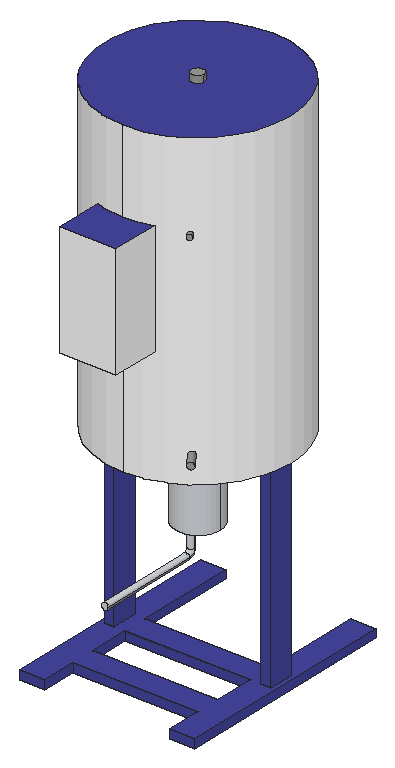
Revit family "REVIT-IS(D) 10-40 Prefix", category Mechanical Equipment, Revit 2017
Family settings
  Round Connector Dimension = Use Radius
  Part Type = Normal
  Work Plane-Based = No
  Always vertical = Yes
  Cut with Voids When Loaded = No
  Shared = No
  Room Calculation Point = No
Parameters (values of type "10 L 5A-IS")
  Weight = 610.00 lbf
  Unit Radius = 15"
  Unit Height = 83"
  URL = "www.pvi.com"
  U Tube Radius = 3 5/8"
  U Tube Length = 13 5/8"
  Steam Radius Inlet = 1"
  Steam Pressure = 15.00 psi
  Steam Outlet Radius = Condensate Outlet NPT / 2  # 3/4"
  Steam Outlet Connection Offset Y = 1 5/16"
  Steam Outlet Extension = U Tube Length + 1/2"  # 14 1/8"
  Condensate Outlet NPT = 1 1/2"
  Steam Inlet Radius = Steam Inlet NPT / 2  # 1/2"
  Steam Inlet Offset 2 = no
  Steam Inlet Offset X = 5 7/8"
  Steam Inlet NPT = 1"
  Steam Flow lb/hr = "390"
  Skid Runner Height = 1 3/8"
  Skid Height = 33 3/8"
  Steam Inlet Connection Offset Y = 1 5/16"
  Steam Inlet Length X = 17 51/256"
  Steam Inlet Length Y = 4 1/8"
  Relief Valve NPT = 3/4"
  Relief Valve Location = Unit Height - 13 11/16"  # 69 5/16"
  Relief Radius = Relief Valve NPT / 2  # 3/8"
  Relief Extension = Unit Radius + 1"  # 16"
  Recovery Rate 40F to 140F = 8 GPM
  Phone Number = "817-335-3419"
  Model = "10 L 5A-IS"
  Manufacturer = "PVI Industries, LLC"
  Location [instance] = "Enter Job Location"
  Hot Outlet Radius = Hot Outlet NPT / 2  # 1"
  Hot Outlet NPT = 2"
  Height To Relief = 81 5/16"
  Height To Drain = 37 3/4"
  Height To Cold Inlet = 27 5/16"
  Drain Valve NPT = 1"
  Drain Radius = Drain Valve NPT / 2  # 1/2"
  Drain Extension = Unit Radius + 3 1/2"  # 18 1/2"
  Disclaimer = "This rendering is for building modeling purposes only. Submittal/catalog is still the contract document. PVI reserves the right to change design and specification without notice."
  Description = "PVI QuickDraw - Semi-Instantaneous Hot Water Heater"
  Current = 2 A
  Control Panel Extension = Unit Radius + 7"  # 22"
  Cold Inlet Radius = Cold Inlet Flange / 2  # 1 1/2"
  Cold Inlet Flange = 3"
  Assembly Code = "D3040400"
  Address = "Fort Worth, Texas"
  A = 3"
Types (7): name | Weight | Unit Height | U Tube Radius | Steam Radius Inlet | Steam Outlet Radius | Steam Outlet Connection Offset Y | Condensate Outlet NPT | Steam Inlet Radius | Steam Inlet NPT | Steam Flow lb/hr | Steam Inlet Connection Offset Y | Steam Inlet Length X | Steam Inlet Length Y | Relief Valve Location | Recovery Rate 40F to 140F | Model
  (no name) | 610.00 lbf | 83" | 3 5/8" | 1" | 3/4" | 1 5/16" | 1 1/2" | 1/2" | 1" | "390" | 1 5/16" | 17 51/256" | 4 1/8" | 69 5/16" | 8 GPM | "10 L 5A-IS"
  40 L 5A-IS | 680.00 lbf | 83" | 6 1/4" | 2" | 1 1/2" | 2 1/2" | 3" | 1" | 2" | "1540" | 2 1/2" | 22" | 5 3/4" | 69 5/16" | 30 GPM | "40 L 5A-IS"
  10 L 5A-IS | 610.00 lbf | 83" | 3 5/8" | 1" | 3/4" | 1 5/16" | 1 1/2" | 1/2" | 1" | "390" | 1 5/16" | 17 51/256" | 4 1/8" | 69 5/16" | 8 GPM | "10 L 5A-IS"
  20 L 5A-IS | 680.00 lbf | 83" | 5 1/4" | 1 1/2" | 1" | 1 7/8" | 2" | 3/4" | 1 1/2" | "770" | 1 7/8" | 18 3/4" | 5 5/8" | 69 5/16" | 15 GPM | "20 L 5A-IS"
  20 L 5A-ISD | 760.00 lbf | 95" | 5 1/4" | 1 1/2" | 1" | 1 7/8" | 2" | 3/4" | 1 1/2" | "770" | 1 7/8" | 18 3/4" | 5 5/8" | 81 5/16" | 15 GPM | "20 L 5A-ISD"
  10 L 5A-ISD | 700.00 lbf | 95" | 3 5/8" | 1" | 3/4" | 1 5/16" | 1 1/2" | 1/2" | 1" | "390" | 1 5/16" | 17 51/256" | 4 1/8" | 81 5/16" | 8 GPM | "10 L 5A-ISD"
  40 L 5A-ISD | 860.00 lbf | 95" | 6 1/4" | 2" | 1 1/2" | 2 1/2" | 3" | 1" | 2" | "1540" | 2 1/2" | 22" | 5 3/4" | 81 5/16" | 30 GPM | "40 L 5A-ISD"
Reference planes (in)
  plane 1 "Center (Front/Back)": y = 0
  plane 2: z = 0
  plane 3: z = 1.375
  plane 4: z = 83
  plane 5: z = 37.75
  plane 6: z = 69.3125
  plane 7: z = 27.3125
  plane 8: y = 11.375
  plane 9: z = 33.375
  plane 10: y = -1.3125
  plane 11: z = 19.75
  plane 12: y = 1.3125
  plane 13: z = 19.25
  plane 14: z = 15.625
  plane 15: y = -18.51172
  plane 16: x = -5.875
  plane 17: y = -17.1875
  plane 18: y = -20.1875
  plane 19: x = -0.0625
Forms (in)
  Extrusion 1, solid, material "PVI Pans"
    sketch origin (0, 0, 0) x (1, 0, 0) y (0, 1, 0)
      loop
        line (-14, 18) -> (-14, -18) -> (-10, -18) -> (-10, -12.5) -> (10, -12.5) -> (10, -18) -> (14, -18) -> (14, 18) -> (10, 18) -> (10, 2) -> (-10, 2) -> (-10, 18) -> (-14, 18)
      loop
        line (-10, -8.5) -> (10, -8.5) -> (10, -2) -> (-10, -2) -> (-10, -8.5)
    from 0 to 1.375
  Extrusion 2, solid, material "PVI Pans"
    sketch origin (-60, -180, 1.375) x (-1, 0, 0) y (0, -1, 0)
      loop
        line (-46.75, -182) -> (-46.75, -178) -> (-48.25, -178) -> (-48.25, -182) -> (-46.75, -182)
      loop
        line (-71.75, -182) -> (-71.75, -178) -> (-73.25, -178) -> (-73.25, -182) -> (-71.75, -182)
    from 0 to 32
  Extrusion 3, solid, material "PVI Jackets"
    sketch origin (-60, -180, 83) x (-1, 0, 0) y (0, -1, 0)
      loop
        circle (-60, -180) r 1
    from 0 to 1
  Sweep 4, solid, material "PVI Jackets"
    path origin (-25.60034, -180, 37.75) x (-1, 0, 0) y (0, -1, 0)
      loop
        line (-24.83921, -180) -> (-36.2115, -165.40819)
    profile origin (4.92502, -7.29591, 37.75) x (0.788747, 0.614718, 0) y (0, 0, 1)
      loop
        circle (0, 0) r 0.5
  Extrusion 5, solid, material "PVI Jackets"
    sketch origin (0, 0, 2.5) x (1, 0, 0) y (0, 0, 1)
      loop
        line (-4.5, 67.375) -> (-4.5, 49.375) -> (4.5, 49.375) -> (4.5, 67.375) -> (-4.5, 67.375)
    from 0 to 22 <- "Control Panel Extension"
  Sweep 6, solid
    path in 3D
      loop
        line (0, 11, 27.3125) -> (0, 0, 27.3125)
    profile origin (0, 5.5, 27.3125) x (0, 0, -1) y (1, 0, 0)
      loop
        circle (0, 0) r 1.5
  Extrusion 7, solid
    sketch origin (0, 0, 0) x (1, 0, 0) y (0, 0, 1)
      loop
        circle (0, 27.3125) r 3.5
    from -11.375 to -10.4375
  Sweep 8, solid, material "PVI Jackets"
    path in 3D
      loop
        line (0, 0, 69.3125) -> (9.17722, -13.10643, 69.3125)
    profile origin (4.58861, -6.55322, 69.3125) x (0.819152, 0.573576, 0) y (0, 0, 1)
      loop
        circle (0, 0) r 0.375
  Sweep 9, solid
    path in 3D
      loop
        line (0, 1.3125, 33.375) -> (0, 1.3125, 19.25)
    profile origin (0, 1.3125, 26.3125) x (0, -1, 0) y (1, 0, 0)
      loop
        circle (0, 0) r 0.75
  Extrusion 10, solid, material "PVI Jackets"
    sketch origin (0, -137.8711, 15.625) x (0, -1, 0) y (1, 0, 0)
      loop
        circle (-137.8711, 0) r 15
    from 17.75 to 67.375
  Sweep 11, solid, not visible
    path in 3D
      loop
        line (0, -14.1875, 10.375) -> (-5.875, -14.1875, 10.375) -> (-5.875, -34.5, 10.375)
    profile origin (-2.9375, -14.1875, 10.375) x (0, -1, 0) y (0, 0, 1)
      loop
        circle (0, 0) r 0.01563
  Sweep 12, solid, not visible
    path in 3D
      loop
        line (0, -31.375, 10.375) -> (-5.875, -31.375, 10.375)
    profile origin (-2.9375, -31.375, 10.375) x (0, -1, 0) y (0, 0, 1)
      loop
        circle (0, 0) r 0.01563
  Sweep 13, solid
    path in 3D
      loop
        line (0, 0, 33.375) -> (0, 0, 19.75)
    profile origin (0, 0, 26.5625) x (1, 0, 0) y (0, 1, 0)
      loop
        circle (0, 0) r 3.625
  Sweep 14, solid
    path in 3D
      loop
        line (0, -1.3125, 19.75) -> (0, -1.3125, 16.625)
        arc (0, -1.3125, 16.625) -> (0, -1.60539, 15.91789) -> (0, -2.3125, 15.625) r 1
        line (0, -2.3125, 15.625) -> (0, -18.51172, 15.625)
    profile origin (0, -1.3125, 18.1875) x (1, 0, 0) y (0, 1, 0)
      loop
        circle (0, 0) r 0.5
Cuts and joins
  joined: Extrusion 1, Extrusion 2
  joined: Sweep 4, Extrusion 5, Sweep 8, Extrusion 10
  joined: Sweep 6, Extrusion 7, Sweep 13
Lines and regions (in)
  reference lines
    curve 1: line (0, 9.3125, 27.3125) -> (0, 0, 27.3125)
    curve 3: line (0, 0, 27.3125) -> (0, 11, 27.3125)
  sketch lines
    curve 2: line (0, 11, 27.3125) -> (0, 0, 27.3125)
    curve 5: line (0, 0, 69.3125) -> (9.17722, -13.10643, 69.3125)
    curve 9: line (0, 1.3125, 33.375) -> (0, 1.3125, 19.25)
    curve 20: line (0, 0, 33.375) -> (0, 0, 19.75)
    curve 22: line (0, -1.3125, 19.75) -> (0, -1.3125, 16.625)
    curve 23: arc (0, -2.3125, 15.625) -> (0, -1.60539, 15.91789) -> (0, -1.3125, 16.625) r 1
    curve 24: line (0, -2.3125, 15.625) -> (0, -18.51172, 15.625)
  model lines
    curve 4: line (0, 0, 69.3125) -> (9.17722, -13.10643, 69.3125)
    curve 6: line (0, 0, 33.375) -> (0, 0, 83)
    curve 7: line (0, 0, 33.375) -> (0, 0, 19.75)
    curve 8: line (0, 1.3125, 33.375) -> (0, 1.3125, 19.25)
    curve 10: line (0, -1.3125, 19.75) -> (0, -1.3125, 16.625)
    curve 11: line (0, -2.3125, 15.625) -> (0, -18.51172, 15.625)
    curve 19: line (0, 0, 33.375) -> (0, 0, 19.75)
    curve 21: arc (0, -2.3125, 15.625) -> (0, -1.60539, 15.91789) -> (0, -1.3125, 16.625) r 1
  model lines, not visible
    curve 12: line (0, -31.3755, 10.375) -> (-4.25, -31.3755, 10.375)
    curve 13: line (0, -14.1875, 10.375) -> (-5.875, -14.1875, 10.375)
    curve 14: line (-5.875, -14.1875, 10.375) -> (-5.875, -34.5, 10.375)
    curve 15: line (0, -31.375, 10.375) -> (-5.875, -31.375, 10.375)
  sketch lines, not visible
    curve 16: line (0, -14.1875, 10.375) -> (-5.875, -14.1875, 10.375)
    curve 17: line (-5.875, -14.1875, 10.375) -> (-5.875, -34.5, 10.375)
    curve 18: line (0, -31.375, 10.375) -> (-5.875, -31.375, 10.375)
Dimensions and locks (in)
  locked: plane 1 "Center (Front/Back)" to Extrusion 1 sketch curve at 18
  locked: Extrusion 1 sketch curve to Extrusion 1 sketch curve at 36
  Extrusion 1 sketch curve to Extrusion 1 sketch curve = 20"
  locked: Extrusion 1 sketch curve to Extrusion 1 sketch curve at 4  (x3)
  equal spacing: Extrusion 1 sketch curve, plane 1 "Center (Front/Back)", Extrusion 1 sketch curve, locked at 2 each
  locked: Extrusion 1 sketch curve to Extrusion 1 sketch curve at 5.5
  "Skid Runner Height": plane 3 to level
  equal spacing: Extrusion 2 sketch curve, plane 1 "Center (Front/Back)", Extrusion 2 sketch curve, locked at 2 each
  locked: Extrusion 2 sketch curve to Extrusion 2 sketch curve at 1.5
  Extrusion 2 sketch curve to Extrusion 2 sketch curve = 1 1/2"
  Extrusion 2 sketch curve to Extrusion 1 = 1 3/4"
  Extrusion 1 to Extrusion 2 sketch curve = 1 3/4"
  "Unit Height": plane 4 to level
  "Height To Drain": plane 5 to level
  "Relief Valve Location": plane 6 to level
  "Drain Extension": Sweep 4 sketch curve to Sweep 4 sketch curve
  Extrusion 5 sketch curve to Extrusion 5 sketch curve = 9"
  locked: Extrusion 5 sketch curve to Extrusion 5 sketch curve at 18
  Extrusion 5 sketch curve to plane 3 = 50 1/2"
  "Height To Cold Inlet": plane 7 to level
  "U Tube Length": plane 9 to plane 11
  "Steam Outlet Extension": plane 13 to plane 9
  "Steam Inlet Length Y": plane 11 to plane 14
  "Steam Inlet Length X": plane 15 to plane 10
  "Skid Height": cut or joined group of Extrusion 1, Extrusion 2 to level
  "Steam Outlet Connection Offset Y": plane 1 "Center (Front/Back)" to plane 12
  "Steam Inlet Connection Offset Y": plane 10 to plane 1 "Center (Front/Back)"
  locked: plane 18 to plane 10 at 18.875
  "A": plane 18 to plane 17
  "Hot Outlet Radius": radius of Extrusion 3 sketch curve
  "Drain Radius": radius of Sweep 4 sketch curve
  "Steam Outlet Radius": radius of Sweep 9 sketch curve
  "Relief Radius": radius of Sweep 8 sketch curve
  "Cold Inlet Radius": radius of Sweep 6 sketch curve
  "Unit Radius": radius of Extrusion 10 sketch curve
  locked: Sweep 11 sketch curve to Sweep 11 sketch curve (radius 1/64")
  locked: Sweep 12 sketch curve to Sweep 12 sketch curve (radius 1/64")
  "U Tube Radius": radius of Sweep 13 sketch curve
  "Steam Inlet Radius": radius of Sweep 14 sketch curve
  "Steam Radius Inlet": radius of curve 21
  aligned and locked: Extrusion 1 sketch curve to Extrusion 1 sketch curve  (x6)
  aligned and locked: plane 3 to Extrusion 1
  aligned and locked: Extrusion 2 sketch curve to Extrusion 2 sketch curve  (x2)
  aligned and locked: plane 1 "Center (Front/Back)" to Sweep 4 sketch curve
  aligned and locked: plane 4 to Extrusion 10
  aligned and locked: Extrusion 10 to cut or joined group of Extrusion 1, Extrusion 2
  aligned and locked: plane 1 "Center (Front/Back)" to Extrusion 10 sketch curve
  aligned and locked: curve 19 to cut or joined group of Sweep 4, Extrusion 5, Sweep 8, Extrusion 10
Automatic sketch dimensions
  plane 1 "Center (Front/Back)" to Extrusion 3 sketch curve = 0"
  Sweep 4 sketch curve to plane 5 = 0"
  Sweep 4 sketch curve to profile plane = 0"
  curve 1 to plane 1 "Center (Front/Back)" = 0"
  curve 3 to plane 1 "Center (Front/Back)" = 0"
  curve 1 to plane 7 = 0"
  curve 3 to plane 7 = 0"
  plane 8 to curve 1 = 2 1/16"
  plane 8 to curve 3 = 3/8"
  Sweep 6 sketch curve to profile plane = 0"  (x2)
  Extrusion 7 sketch curve to plane 7 = 0"
  plane 1 "Center (Front/Back)" to curve 4 = 0"
  Sweep 8 sketch curve to profile plane = 0"  (x2)
  Extrusion 2 sketch curve to plane 1 "Center (Front/Back)" = 2"
  plane 1 "Center (Front/Back)" to Extrusion 1 sketch curve = 2"
  plane 1 "Center (Front/Back)" to curve 4 = 13.10643"
  curve 8 to plane 9 = 0"
  curve 8 to plane 13 = 0"
  Sweep 9 sketch curve to profile plane = 0"
  profile plane to Sweep 9 sketch curve = 0"
  plane 16 to Extrusion 5 sketch curve = 1 3/8"
  profile plane to Sweep 13 sketch curve = 0"
  Sweep 13 sketch curve to profile plane = 0"
  profile plane to Sweep 14 sketch curve = 0"
  Sweep 14 sketch curve to profile plane = 0"
  Extrusion 1 sketch curve to plane 16 = 8 1/8"
  plane 19 to Extrusion 1 sketch curve = 10 1/16"
  plane 19 to Extrusion 3 sketch curve = 1/16"
  Sweep 4 sketch curve to plane 17 = 2.59569"
  plane 19 to Sweep 4 sketch curve = 10.67366"
  plane 19 to Extrusion 7 sketch curve = 1/16"
  plane 19 to curve 4 = 9.23972"
  plane 19 to curve 4 = 1/16"
  plane 19 to curve 8 = 1/16"
  plane 19 to Extrusion 10 sketch curve = 1/16"
  curve 11 to plane 14 = 0"
  curve 11 to plane 15 = 0"
  curve 10 to plane 10 = 0"
  curve 19 to plane 1 "Center (Front/Back)" = 0"
  curve 7 to plane 11 = 0"
  curve 10 to plane 11 = 0"
  curve 6 to plane 4 = 0"
  radius of Extrusion 7 sketch curve = 3 1/2"
Connectors (in)
  piping at (10.61116, -14.59181, 37.75), diameter 1, driven by "Drain Radius"
    settings: on cut or joined group of Sweep 4, Extrusion 5, Sweep 8, Extrusion 10, index 4, connector inside diameter 1", connector length 0", flow factor 0, pipe flow 0 GPM, pressure drop 0.00 psi, fitting loss kfactor 0, connector angle 0.00°, fixture units 0, engagement length 0", angle of deflection 0.00°, flow configuration 1, flow direction 2, fitting loss method 0, system type 16, joint type 0, gender type 0, connector reference index -1, connector utility 0, adjustable connector no, is connector primary yes, connector description "Drain Connection"
  piping at (0, 0, 84), diameter 2, driven by "Hot Outlet Radius"
    settings: on Extrusion 3, index 6, connector inside diameter 3", connector length 0", flow factor 0, pipe flow 0 GPM, pressure drop 0.00 psi, fitting loss kfactor 0, connector angle 0.00°, fixture units 0, engagement length 0", angle of deflection 0.00°, flow configuration 0, flow direction 2, fitting loss method 0, system type 19, joint type 0, gender type 0, connector reference index 9, connector utility 0, adjustable connector no, is connector primary no, connector description "Potable Hot Water"
  electrical at (0, -22, 60.875)
    settings: on cut or joined group of Sweep 4, Extrusion 5, Sweep 8, Extrusion 10, index 7, voltage 120 V, apparent load 240 VA, apparent load phase1 0 VA, apparent load phase2 0 VA, apparent load phase3 0 VA, power factor 0.8, load classification "HVAC", number of poles 1, system type 30, power factor state 1, is connector primary yes, connector utility no, sub classification motor no, connector description "Control Connection"
  piping at (0, 11.375, 27.3125), diameter 3, driven by "Cold Inlet Radius"
    settings: on cut or joined group of Sweep 6, Extrusion 7, Sweep 13, index 9, connector inside diameter 3", connector length 0", flow factor 0, pipe flow 0 GPM, pressure drop 0.00 psi, fitting loss kfactor 0, connector angle 0.00°, fixture units 0, engagement length 0", angle of deflection 0.00°, flow configuration 0, flow direction 1, fitting loss method 4, system type 20, joint type 0, gender type 0, connector reference index 6, connector utility 0, adjustable connector no, is connector primary no, connector description "Potable Water Inlet"
  piping at (9.17722, -13.10643, 69.3125), diameter 0.75, driven by "Relief Radius"
    settings: on Sweep 8, index 11, connector inside diameter 3/4", connector length 0", flow factor 0, pipe flow 0 GPM, pressure drop 0.00 psi, fitting loss kfactor 0, connector angle 0.00°, fixture units 0, engagement length 0", angle of deflection 0.00°, flow configuration 1, flow direction 2, fitting loss method 0, system type 16, joint type 0, gender type 0, connector reference index -1, connector utility 0, adjustable connector no, is connector primary no, connector description "Relief Valve Connection"
  piping at (0, 1.3125, 19.25), diameter 1.5, driven by "Steam Outlet Radius"
    settings: on Sweep 9, index 12, connector inside diameter 2 1/2", connector length 0", flow factor 0, pipe flow 0 GPM, pressure drop 0.00 psi, fitting loss kfactor 0, connector angle 0.00°, fixture units 0, engagement length 0", angle of deflection 0.00°, flow configuration 2, flow direction 2, fitting loss method 4, system type 22, joint type 0, gender type 0, connector reference index -1, connector utility 0, adjustable connector no, is connector primary no, connector description "Steam Outlet Connection"
  piping at (0, -18.51172, 15.625), diameter 1, driven by "Steam Inlet Radius"
    settings: on Sweep 14, index 13, connector inside diameter 24", connector length 0", flow factor 0, pipe flow 0 GPM, pressure drop 0.00 psi, fitting loss kfactor 0, connector angle 0.00°, fixture units 0, engagement length 0", angle of deflection 0.00°, flow configuration 0, flow direction 0, fitting loss method 0, system type 22, joint type 0, gender type 0, connector reference index -1, connector utility 0, adjustable connector no, is connector primary no, connector description "Steam Inlet Connection"
